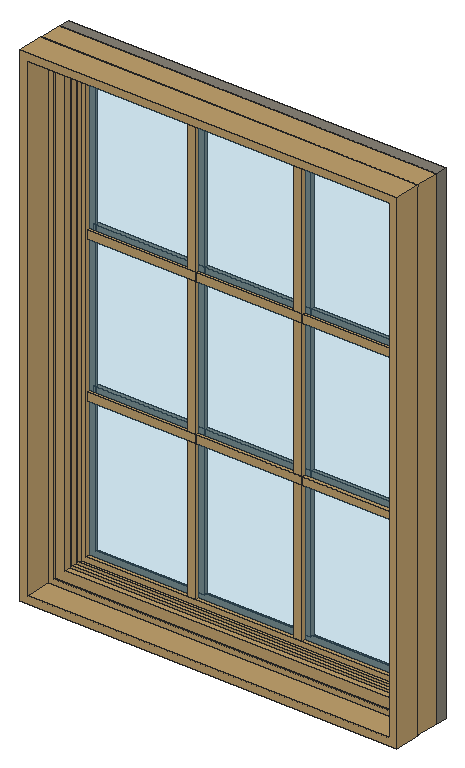
Revit family
Parameters (values of type "CCNTPRYPCA3648")
  Window Type = "Clad Contemporary Push Out Casement"
  Vent Area = VO Width * VO Height  # 8.42878 SF
  VO Width = if(Width < 1' 8", Width - 0' 9 19/32", Width - 0' 7 7/64")  # 2' - 4 57/64"
  VO Height = Height - 0' 5 29/256"  # 3' - 6 3/256"
  URL = "www.marvin.com"
  Prairie Corner Width = 0' - 4"
  Prairie Corner Height = 0' - 4"
  Plan Swing Angle [instance] = 15.00°
  Offset = if(Bottom Rail Standard, 0' 2 29/32", 0' 4 13/32")  # 0' - 2 29/32"
  Nominal Width = 3' - 0"
  Nominal Height = 4' - 0"
  Muntins Interior Material = Wood-Marvin-Pine
  Muntins Exterior Material = Aluminum-Marvin-Bronze
  Model = "CCNTPRYPCA3648"
  Manufacturer = "Marvin Windows and Doors"
  Lites Wide = 3
  Lites Wide Constraint = if(Nominal Width > 1' 4", Lites Wide, if(Lites Wide < 2, 1, 2))  # 3
  Lites High = 3
  Lites High Constraint = if(Nominal Height > 1' 4", Lites High, if(Lites High < 2, 1, 2))  # 3
  Lite Cut Prairie 9 = no
  Lite Cut Prairie 9 Constraint = if(and(Nominal Width > 1' 4", Nominal Height > 1' 4"), Lite Cut Prairie 9, 1 = 0)  # no
  Lite Cut HV Grid = not(Lite Cut Prairie 9 Constraint)  # yes
  Label Visibility = no
  Label Egress = if(and(and(VO Width > 1' 8", VO Height > 2' 0"), Vent Area > 5.70 SF), "EGRESS WDW", "")  # "EGRESS WDW"
  Interior Material = Wood-Marvin-Pine
  Glazing Material = Glass-Marvin-IG Low E II with Argon
  Glass Type = "IG Low E II with Argon"
  Frame = "Aluminum Clad"
  Family created by = "www.rbuiltcomponents.com"
  Elev Swing RH Visibility [instance] = yes
  Elev Swing LH Visibility [instance] = no
  Rough Width = Width + 0' 1"  # 3' - 1"
  Rough Height = Height + 0' 0 1/2"  # 3' - 11 5/8"
  Plan Swing RH Visibility [instance] = yes
  Plan Swing LH Visibility [instance] = no
  Muntins Interior Visibility = yes
  Muntins Exterior Visibility = yes
  Jamb Extension Visibility = yes
  Inset to Installation Flange [instance] = 0' - 1 1/4"
  Height = Nominal Height - 0' 0 7/8"  # 3' - 11 1/8"
  Egress Window = "Yes"
  Design Pressure = "DP50"
  Description = "3648 CSMT"
  Default Head Height = 8' - 0"
  Wall Closure = (empty or 0)
  Width = Nominal Width  # 3' - 0"
  Daylight Area = DLO Width * DLO Height  # 8.66056 SF
  DLO Width = Width - 0' 5 13/16"  # 2' - 6 3/16"
  DLO Height = if(Bottom Rail Standard, Height - 0' 5 13/16", Height - 0' 7 5/16")  # 3' - 5 5/16"
  Cladding Material = Aluminum-Marvin-Bronze
  Bottom Rail Tall = no
  Bottom Rail Standard = not(Bottom Rail Tall)  # yes
  Assembly Code = ""
  Note To User = "All Lite Constraints Apply To Nominal Widths Or Heights < 1 - 6"  # constant formula
Reference planes (in)
  plane 1 "Center (Front/Back)": y = 0
  plane 2: z = 0
  plane 3 "Center (Left/Right)": x = -3
  plane 4 "Left": x = -21
  plane 5 "Right": x = 15
  plane 6 "Sill": z = 48.875
  plane 7 "Top": z = 96
  plane 8 "Inset": y = 1.75
  plane 9 "Glazing": y = 2.40625
  plane 10 "Jamb Ext Face": y = -0.4375
  plane 11: z = 72.4375
  plane 12: y = -0.5
Forms (in)
  Extrusion 1, solid, material "Wood-Marvin-Pine" <- "Interior Material", visible <- "Jamb Extension Visibility", detail levels medium+fine
    sketch origin (0, -0.4375, 0) x (1, 0, 0) y (0, 0, 1)
      loop
        line (-21, 96) -> (-21, 48.875) -> (15, 48.875) -> (15, 96) -> (-21, 96)
      loop
        line (-20.3125, 49.5625) -> (14.3125, 49.5625) -> (14.3125, 95.3125) -> (-20.3125, 95.3125) -> (-20.3125, 49.5625)
    from 0.0625 to 2.5625
Lines and regions (in)
  Masking region 1
    outline origin (-3, 0, 0) x (0, 1, 0) y (0, 0, 1)
      loop
        line (2.8125, 96) -> (-0.4375, 96) -> (-0.4375, 48.875) -> (2.8125, 48.875) -> (2.8125, 96)
  Masking region 2, visible <- "Jamb Extension Visibility"
    outline origin (0, 0, 48.875) x (0, -1, 0) y (1, 0, 0)
      loop
        line (0.5, -21) -> (3, -21) -> (3, 15) -> (0.5, 15) -> (0.5, -21)
  Masking region 3, visible <- "Jamb Extension Visibility"
    outline origin (-3, 0, 0) x (0, 1, 0) y (0, 0, 1)
      loop
        line (-0.5, 96) -> (-3, 96) -> (-3, 48.875) -> (-0.5, 48.875) -> (-0.5, 96)
  Opening 1
    outline origin (-60, -3, 0) x (1, 0, 0) y (0, 0, 1)
      loop
        line (75, 96) -> (39, 96) -> (39, 48.875) -> (75, 48.875) -> (75, 96)
  symbolic lines, style "Jamb Extension", visible <- "Jamb Extension Visibility", detail levels fine
    curve 1: line (-21, -3, 48.875) -> (-20.3125, -3, 48.875)
    curve 2: line (-20.3125, -3, 48.875) -> (-20.3125, -0.5, 48.875)
    curve 3: line (15, -3, 48.875) -> (14.3125, -3, 48.875)
    curve 4: line (14.3125, -3, 48.875) -> (14.3125, -0.5, 48.875)
    curve 5: line (-3, -3, 95.3125) -> (-3, -0.5, 95.3125)
    curve 6: line (-3, -3, 49.5625) -> (-3, -0.5, 49.5625)
  symbolic lines, style "WindowsFrameMullionProjection", detail levels coarse+medium
    curve 7: line (-3, 2.8125, 96) -> (-3, 2.8125, 94.812)
    curve 8: line (-3, 2.8125, 94.812) -> (-3, -0.4375, 94.812)
    curve 9: line (-3, -0.4375, 94.812) -> (-3, -0.4375, 96)
    curve 10: line (-3, 2.78125, 94.812) -> (-3, 2.78125, 93.125)
    curve 11: line (-3, 2.78125, 93.125) -> (-3, 1.15625, 93.125)
    curve 12: line (-3, 1.15625, 50.063) -> (-3, 1.15625, 51.78125)
    curve 13: line (-3, 2.8125, 48.875) -> (-3, 2.8125, 50.063)
    curve 14: line (-3, 2.8125, 50.063) -> (-3, -0.4375, 50.063)
    curve 15: line (-3, -0.4375, 50.063) -> (-3, -0.4375, 48.875)
    curve 16: line (-3, 2.78125, 51.78125) -> (-3, 1.15625, 51.78125)
    curve 18: line (-3, 1.15625, 51.78125) -> (-3, 1.15625, 93.125)
    curve 19: line (-3, 2.78125, 51.78125) -> (-3, 2.78125, 50.063)
    curve 20: line (-3, 1.15625, 93.125) -> (-3, 1.15625, 94.812)
    curve 21: line (-3, 2.78125, 93.125) -> (-3, 2.78125, 51.78125)
  symbolic lines, style "WindowsGlassProjection", detail levels coarse+medium
    curve 17: line (-3, 1.97776, 93.125) -> (-3, 1.97776, 51.78125)
  symbolic lines, style "WindowsFrameMullionProjection"
    curve 22: line (-3, -0.4375, 50.063) -> (-3, -0.4375, 94.812)
  symbolic lines, style "WindowsFrameMullionProjection", visible <- "Jamb Extension Visibility", detail levels coarse+medium
    curve 23: line (-20.3125, -0.5, 48.875) -> (-20.3125, -3, 48.875)
    curve 24: line (-20.3125, -3, 48.875) -> (-21, -3, 48.875)
    curve 25: line (14.3125, -0.5, 48.875) -> (14.3125, -3, 48.875)
    curve 26: line (14.3125, -3, 48.875) -> (15, -3, 48.875)
    curve 29: line (-3, -0.5, 95.3125) -> (-3, -3, 95.3125)
    curve 30: line (-3, -3, 95.3125) -> (-3, -3, 96)
    curve 31: line (-3, -0.5, 49.5625) -> (-3, -3, 49.5625)
    curve 32: line (-3, -3, 49.5625) -> (-3, -3, 48.875)
  symbolic lines, style "Jamb Extension", visible <- "Jamb Extension Visibility"
    curve 27: line (-3, -3, 49.5625) -> (-3, -3, 48.875)
    curve 28: line (-3, -3, 95.3125) -> (-3, -3, 96)
Text (in)
  text "EXTERIOR" at (-58.6888, 50.90694, 0), in view "Ref. Level"
  text "INTERIOR" at (-58.6888, -37.76638, 0), in view "Ref. Level"
  text "Exterior" at (0, 43.65631, 123.19604), in view "Left"
  text "Exterior" at (0, 18.29385, 125.04747), in view "Right"
Dimensions and locks (in)
  equal spacing: plane 4 "Left", plane 3 "Center (Left/Right)", plane 5 "Right"
  "Width": plane 4 "Left" to plane 5 "Right"
  "Height": plane 6 "Sill" to plane 7 "Top"
  "Inset to Installation Flange": host wall to plane 8 "Inset"
  locked: plane 8 "Inset" to plane 9 "Glazing" at 0.65625
  locked: plane 10 "Jamb Ext Face" to plane 8 "Inset" at 2.1875
  equal spacing: plane 6 "Sill", plane 11, plane 7 "Top"
  "Default Head Height": plane 2 to plane 7 "Top"
  locked: nested 2 to host wall at 12.00106
  locked: plane 12 to plane 10 "Jamb Ext Face" at 0.0625
  locked: plane 6 "Sill" to Extrusion 1 sketch curve at 0.6875
  locked: plane 5 "Right" to Extrusion 1 sketch curve at 0.6875
  locked: plane 7 "Top" to Extrusion 1 sketch curve at 0.6875
  locked: plane 4 "Left" to Extrusion 1 sketch curve at 0.6875
  aligned and locked: nested 1 to plane 3 "Center (Left/Right)"
  aligned and locked: plane 8 "Inset" to nested 1
  aligned and locked: host wall to curve 1
  aligned and locked: curve 3 to host wall
  aligned and locked: plane 7 "Top" to Masking region 1 sketch curve
  aligned and locked: Masking region 1 sketch curve to plane 6 "Sill"
  aligned and locked: plane 3 "Center (Left/Right)" to nested 2
  aligned and locked: plane 4 "Left" to curve 24
  aligned and locked: curve 24 to host wall
  aligned and locked: plane 5 "Right" to curve 26
  aligned and locked: host wall to curve 26
  aligned and locked: curve 15 to plane 10 "Jamb Ext Face"
  aligned and locked: curve 14 to curve 22
  aligned and locked: plane 6 "Sill" to curve 27
  aligned and locked: curve 27 to host wall
  aligned and locked: plane 10 "Jamb Ext Face" to curve 9
  aligned and locked: plane 7 "Top" to curve 28
  aligned and locked: plane 7 "Top" to curve 30
  aligned and locked: host wall to curve 30
  aligned and locked: plane 6 "Sill" to curve 32
  aligned and locked: plane 12 to curve 2
  aligned and locked: plane 12 to curve 23
  aligned and locked: plane 12 to curve 4
  aligned and locked: plane 12 to curve 25
  aligned and locked: plane 12 to curve 5
  aligned and locked: plane 12 to curve 29
  aligned and locked: plane 12 to curve 6
  aligned and locked: plane 12 to curve 31
  aligned and locked: plane 12 to Masking region 2 sketch curve
  aligned and locked: Masking region 2 sketch curve to host wall
  aligned and locked: Masking region 2 sketch curve to plane 4 "Left"
  aligned and locked: plane 5 "Right" to Masking region 2 sketch curve
  aligned and locked: plane 12 to Masking region 3 sketch curve
  aligned and locked: Masking region 3 sketch curve to host wall
  aligned and locked: plane 7 "Top" to Masking region 3 sketch curve
  aligned and locked: Masking region 3 sketch curve to plane 6 "Sill"
  aligned and locked: Masking region 1 sketch curve to plane 10 "Jamb Ext Face"
  aligned and locked: plane 3 "Center (Left/Right)" to nested 3
  aligned and locked: plane 8 "Inset" to nested 3
  aligned and locked: nested 3 to plane 7 "Top"
  aligned and locked: plane 7 "Top" to Opening 1 sketch curve
  aligned and locked: plane 5 "Right" to Opening 1 sketch curve
  aligned and locked: Opening 1 sketch curve to plane 6 "Sill"
  aligned and locked: Opening 1 sketch curve to plane 4 "Left"
  aligned and locked: Extrusion 1 sketch curve to plane 6 "Sill"
  aligned and locked: plane 7 "Top" to Extrusion 1 sketch curve
  aligned and locked: plane 5 "Right" to Extrusion 1 sketch curve
  aligned and locked: Extrusion 1 sketch curve to plane 4 "Left"
  aligned and locked: Extrusion 1 to plane 12
  aligned and locked: host wall to Extrusion 1
  aligned and locked: nested 4 to plane 8 "Inset"
  aligned and locked: plane 7 "Top" to nested 4
  aligned and locked: curve 7 to nested 4
  aligned and locked: curve 10 to nested 4
  aligned and locked: curve 8 to nested 4
  aligned and locked: curve 11 to nested 4
  aligned and locked: curve 20 to nested 4
  aligned and locked: curve 13 to nested 4
  aligned and locked: curve 19 to nested 4
  aligned and locked: curve 16 to nested 4
  aligned and locked: nested 4 to curve 12
  aligned and locked: curve 14 to nested 4
  aligned and locked: Masking region 1 sketch curve to nested 4
Automatic sketch dimensions
  curve 1 to plane 4 "Left" = 0' - 0"
  curve 3 to plane 5 "Right" = 0' - 0"
  curve 2 to plane 4 "Left" = 0' - 0 11/16"
  plane 5 "Right" to curve 4 = 0' - 0 11/16"
  plane 7 "Top" to curve 7 = 0' - 0"
  plane 6 "Sill" to curve 13 = 0' - 0"
  plane 6 "Sill" to curve 15 = 0' - 0"
  plane 7 "Top" to curve 9 = 0' - 0"
  curve 17 to plane 8 "Inset" = 0' - 0.22776"
  curve 6 to curve 15 = 0' - 0.5005"
  plane 7 "Top" to curve 5 = 0' - 0 11/16"
Nested families (in)
  nested 1: "Casement_Plan_Detail" at (-3, 1.75, 48.875) x (-1, 0, 0) z (0, 0, -1), type "Casement_Plan_Detail"
    with Width 3' - 0", Plan Swing RH yes, Plan Swing Length 2' - 9 5/8", Plan Swing LH no, Casing no
  nested 2: "Label Annotation 1-16 w" at (-3, 15.00106, 0), visible <- "Label Visibility", type "Label Annotation 1-16 w"
  nested 3: "Casement-Marvin-Clad_Contemporary" at (-3, 1.75, 0), Elevation Swing RH <- "Elev Swing RH Visibility", Elevation Swing LH <- "Elev Swing LH Visibility", type "CCNTPRYCA"
    with Elevation Swing RH yes, Elevation Swing LH no, Unit Width 3' - 0", DLO Width 2' - 6 3/16"
  nested 4: "Casement_Section_Detail" at (-3, 1.75, 48.875) x (0, -1, 0) z (1, 0, 0), type "Casement_Section_Detail", detail levels fine
    with Offset 0' - 2 29/32"
Definition of nested family "Casement-Marvin-Clad_Contemporary"
  Parameters (values of type "CCNTPRYCA")
    Width = 0' - 0"
    Unit Width = 2' - 8"
    Prairie Corner Width = 0' - 4"
    Prairie Corner Height = 0' - 4"
    Offset = if(Bottom Rail Standard, 0' 1", 0' 0 27/32")  # 0' - 1"
    Muntins Interior Material = Wood-Marvin-Pine
    Muntins Interior = yes
    Muntins Exterior Material = Aluminum-Marvin-Bronze
    Muntins Exterior = yes
    Lites Wide = 3
    Lites High = 3
    Lite Cut Prairie 9 = no
    Lite Cut HV Grid = yes
    Interior Material = Wood-Marvin-Pine
    Height = 3' - 11 1/8"
    Glazing Material = Glass-Marvin-IG Low E II with Argon
    G Thickness2 = -0' - 0 1/8"  # constant formula
    G Thickness = 0' - 0 1/8"  # constant formula
    Elevation Swing RH [instance] = yes
    Elevation Swing LH [instance] = no
    DLO Width = 2' - 2 3/16"
    DLO Height = 3' - 5 5/16"
    Cladding Material = Aluminum-Marvin-Bronze
    Bottom Rail Standard = yes
    Bottom Rail Tall = no
    Bottom Rail = if(Bottom Rail Standard, 0' 2 29/32", 0' 4 13/32")  # 0' - 2 29/32"
    Assembly Code = ""
  Reference planes (in)
    plane 1 "Center (Front/Back)": y = 0
    plane 2: z = 0
    plane 3 "Center (Left/Right)": x = 0
    plane 4: x = 16
    plane 5: x = -16
    plane 6 "Glazing": y = 0.65625
    plane 7: y = -2.1875
    plane 8: z = 96
    plane 9 "Sill": z = 48.875
    plane 10: z = 72.4375
    plane 11: x = 13.09375
    plane 12: x = -13.09375
    plane 13: z = 93.09375
    plane 14: z = 51.78125
    plane 15 "Glazing2": y = -0.125
  Forms (in)
    Sweep 1, solid, material "Aluminum-Marvin-Bronze" <- "Cladding Material"
      path origin (0, 0, 0) x (1, 0, 0) y (0, 0, 1)
        loop
          line (-16, 48.875) -> (16, 48.875) -> (16, 96) -> (-16, 96) -> (-16, 48.875)
      profile "Profile_Ext_Clad_Frame : Profile_Ext_Clad_Frame" origin (0, 0, 48.875) x (0, 0, 1) y (0, -1, 0)
        loop
          line (0, -1.0625) -> (0.625, -1.0625) -> (0.625, 0) -> (0, 0) -> (0, -1.0625)
    Sweep 2, solid, material "Wood-Marvin-Pine" <- "Interior Material"
      path origin (0, 0, 0) x (1, 0, 0) y (0, 0, 1)
        loop
          line (16, 48.875) -> (16, 96) -> (-16, 96) -> (-16, 48.875) -> (16, 48.875)
      profile "Profile_Int_Frame : Profile_Int_Frame" origin (0, 0, 48.875) x (0, 0, -1) y (0, -1, 0)
        loop
          line (0, 2.1875) -> (-1.188, 2.1875) -> (-1.188, 2.09375) -> (-2.1255, 2.09375) -> (-2.1255, 1.43702) -> (-2.313, 1.43702) -> (-2.313, 0.96849) -> (-2.5, 0.96849) -> (-2.5, 0.59375) -> (-0.625, 0.59375) -> (-0.625, 0) -> (0, 0) -> (0, 2.1875)
    Extrusion 3, solid, material "Glass-Marvin-IG Low E II with Argon" <- "Glazing Material"
      sketch origin (0, 0.65625, 0) x (1, 0, 0) y (0, 0, 1)
        loop
          line (13.75, 93.75) -> (-13.75, 93.75) -> (-13.75, 51.125) -> (13.75, 51.125) -> (13.75, 93.75)
      from 0 to 0.125 <- "G Thickness"
    Sweep 4, solid, material "Aluminum-Marvin-Bronze" <- "Cladding Material"
      path origin (0, 0.65625, 0) x (1, 0, 0) y (0, 0, 1)
        loop
          line (13.09375, 51.78125) -> (13.09375, 93.09375) -> (-13.09375, 93.09375) -> (-13.09375, 51.78125) -> (13.09375, 51.78125)
      profile "Profile_Ext_Clad_Sash : Profile_Ext_Clad_Sash" origin (0, 0.65625, 51.78125) x (0, 0, -1) y (0, -1, 0)
        loop
          line (2.0625, -0.375) -> (2.0625, 0) -> (0, 0) -> (0, -0.07739) -> (0.15625, -0.23364) -> (0.15625, -0.375) -> (2.0625, -0.375)
    Sweep 5, solid, material "Wood-Marvin-Pine" <- "Interior Material"
      path origin (0, 0.65625, 0) x (1, 0, 0) y (0, 0, 1)
        loop
          line (13.09375, 51.78125) -> (13.09375, 93.09375) -> (-13.09375, 93.09375) -> (-13.09375, 51.78125) -> (13.09375, 51.78125)
      profile "Profile_Int_Sash : Profile_Int_Sash" origin (0, 0.65625, 51.78125) x (0, 0, -1) y (0, -1, 0)
        loop
          line (1.78125, 0) -> (1.78125, 1.25) -> (0, 1.25) -> (0, 0.78125) -> (0.65625, 0.78125) -> (0.65625, 0) -> (1.78125, 0)
    Extrusion 6, solid, material "Glass-Marvin-IG Low E II with Argon" <- "Glazing Material"
      sketch origin (0, -0.125, 0) x (1, 0, 0) y (0, 0, 1)
        loop
          line (13.75, 93.75) -> (-13.75, 93.75) -> (-13.75, 51.125) -> (13.75, 51.125) -> (13.75, 93.75)
      from -0.125 <- "G Thickness2" to 0
    Sweep 7, solid, material "Aluminum-Marvin-Bronze" <- "Cladding Material"
      path in 3D
        loop
          line (15.15625, 1.03125, 49.71875) -> (-15.15625, 1.03125, 49.71875)
      profile origin (0, 1.03125, 49.71875) x (0, 1, 0) y (0, 0, -1)
        loop
          line (0, 0) -> (-0.375, 0) -> (-0.375, -0.15625) -> (0, -0.15625) -> (0, 0)
    Sweep 8, solid, material "Wood-Marvin-Pine" <- "Interior Material"
      path in 3D
        loop
          line (14.875, -0.59375, 50) -> (-14.875, -0.59375, 50)
      profile origin (0, -0.59375, 50) x (0, 1, 0) y (0, 0, -1)
        loop
          line (0, 0) -> (1.25, 0) -> (1.25, 0.125) -> (0, 0.125) -> (0, 0)
  Cuts and joins
    joined: Sweep 4, Sweep 7
    joined: Sweep 5, Sweep 8
  Lines and regions (in)
    Masking region 1
      outline origin (0, 0, 48.875) x (1, 0, 0) y (0, 1, 0)
        loop
          line (-16, 1.0625) -> (-16, -2.1875) -> (16, -2.1875) -> (16, 1.0625) -> (-16, 1.0625)
    symbolic lines, style "Elevation Swing", visible <- "Elevation Swing RH"
      curve 1: line (15.37685, 0, 49.49815) -> (-15.37685, 0, 72.4375)
      curve 2: line (15.37685, 0, 95.37685) -> (-15.37685, 0, 72.4375)
    symbolic lines, style "Elevation Swing", visible <- "Elevation Swing LH"
      curve 3: line (-15.37685, 0, 49.49815) -> (15.37685, 0, 72.4375)
      curve 4: line (-15.37685, 0, 95.37685) -> (15.37685, 0, 72.4375)
    symbolic lines, style "WindowsFrameMullionProjection", detail levels coarse+medium
      curve 5: line (-14.875, -2.18699, 48.875) -> (-16, -2.18699, 48.875)
      curve 6: line (-14.875, 1.0625, 48.875) -> (-14.875, -2.18699, 48.875)
      curve 7: line (-16, 1.0625, 48.875) -> (-14.875, 1.0625, 48.875)
      curve 8: line (-16, -2.18699, 48.875) -> (-16, 1.0625, 48.875)
      curve 9: line (14.875, -2.18699, 48.875) -> (16, -2.18699, 48.875)
      curve 10: line (14.875, 1.0625, 48.875) -> (14.875, -2.18699, 48.875)
      curve 11: line (16, 1.0625, 48.875) -> (14.875, 1.0625, 48.875)
      curve 12: line (16, -2.18699, 48.875) -> (16, 1.0625, 48.875)
      curve 13: line (-14.875, 1.03125, 48.875) -> (-13.09375, 1.03125, 48.875)
      curve 14: line (-13.09375, -0.59375, 48.875) -> (-14.875, -0.59375, 48.875)
      curve 15: line (-13.09375, 1.03125, 48.875) -> (-13.09375, -0.59375, 48.875)
      curve 16: line (14.875, 1.03125, 48.875) -> (13.09375, 1.03125, 48.875)
      curve 17: line (13.09375, -0.59375, 48.875) -> (14.875, -0.59375, 48.875)
      curve 18: line (13.09375, 1.03125, 48.875) -> (13.09375, -0.59375, 48.875)
      curve 20: line (-13.09375, 1.03125, 48.875) -> (13.09375, 1.03125, 48.875)
      curve 21: line (-13.09375, -0.59375, 48.875) -> (13.09375, -0.59375, 48.875)
    symbolic lines, style "WindowsGlassProjection", detail levels coarse+medium
      curve 19: line (-13.09375, 0.22976, 48.875) -> (13.09375, 0.22976, 48.875)
    sketch lines
      curve 22: line (15.15625, 1.03125, 49.71875) -> (-15.15625, 1.03125, 49.71875)
      curve 23: line (14.875, -0.59375, 50) -> (-14.875, -0.59375, 50)
  Dimensions and locks (in)
    equal spacing: plane 5, plane 3 "Center (Left/Right)", plane 4
    "Unit Width": plane 5 to plane 4
    locked: plane 1 "Center (Front/Back)" to plane 6 "Glazing" at 0.65625
    locked: plane 7 to plane 1 "Center (Front/Back)" at 2.1875
    plane 2 to plane 8 = 8' - 0"
    "Height": plane 9 "Sill" to plane 8
    equal spacing: plane 9 "Sill", plane 10, plane 8
    locked: plane 13 to Extrusion 3 sketch curve at 0.65625
    locked: Extrusion 3 sketch curve to plane 14 at 0.65625
    locked: plane 12 to Extrusion 3 sketch curve at 0.65625
    locked: Extrusion 3 sketch curve to plane 11 at 0.65625
    locked: plane 13 to plane 8 at 2.90625
    "Bottom Rail": plane 9 "Sill" to plane 14
    locked: plane 5 to plane 12 at 2.90625
    locked: plane 11 to plane 4 at 2.90625
    locked: plane 15 "Glazing2" to plane 6 "Glazing" at 0.78125
    locked: Extrusion 6 sketch curve to plane 11 at 0.65625
    locked: plane 12 to Extrusion 6 sketch curve at 0.65625
    locked: plane 13 to Extrusion 6 sketch curve at 0.65625
    locked: Extrusion 6 sketch curve to plane 14 at 0.65625
    "Offset": Sweep 7 sketch curve to plane 9 "Sill"
    "Offset": plane 9 "Sill" to Sweep 8 sketch curve
    aligned and locked: Sweep 1 sketch curve to plane 4
    aligned and locked: plane 9 "Sill" to Sweep 1 sketch curve
    aligned and locked: plane 5 to Sweep 1 sketch curve
    aligned and locked: Sweep 1 sketch curve to plane 8
    aligned and locked: plane 9 "Sill" to Sweep 2 sketch curve
    aligned and locked: Sweep 2 sketch curve to plane 8
    aligned and locked: Sweep 2 sketch curve to plane 4
    aligned and locked: plane 5 to Sweep 2 sketch curve
    aligned and locked: Extrusion 3 to plane 6 "Glazing"
    aligned: Extrusion 3 to Sweep 2
    aligned and locked: plane 5 to Masking region 1 sketch curve
    aligned and locked: Masking region 1 sketch curve to plane 4
    aligned and locked: Masking region 1 sketch curve to plane 7
    aligned and locked: plane 6 "Glazing" to nested 2
    aligned: nested 1 to Sweep 2
    aligned and locked: nested 2 to plane 3 "Center (Left/Right)"
    aligned and locked: plane 3 "Center (Left/Right)" to nested 1
    aligned and locked: plane 11 to Sweep 4 sketch curve
    aligned and locked: Sweep 4 sketch curve to plane 12
    aligned and locked: Sweep 4 sketch curve to plane 14
    aligned and locked: plane 13 to Sweep 4 sketch curve
    aligned and locked: Sweep 5 sketch curve to plane 14
    aligned and locked: Sweep 5 sketch curve to plane 12
    aligned and locked: plane 13 to Sweep 5 sketch curve
    aligned and locked: plane 11 to Sweep 5 sketch curve
    aligned and locked: plane 15 "Glazing2" to nested 1
    aligned and locked: Masking region 1 sketch curve to Sweep 1
    aligned and locked: curve 7 to Sweep 1
    aligned and locked: curve 11 to Sweep 1
    aligned and locked: Sweep 4 to curve 16
    aligned and locked: curve 13 to Sweep 4
    aligned and locked: curve 15 to plane 12
    aligned and locked: curve 18 to plane 11
    aligned and locked: Sweep 5 to curve 17
    aligned and locked: curve 14 to Sweep 5
    aligned and locked: curve 6 to Sweep 5
    aligned and locked: curve 10 to Sweep 5
    aligned and locked: Sweep 7 sketch curve to Sweep 4  (x2)
    aligned and locked: Sweep 7 sketch curve to plane 6 "Glazing"
    aligned and locked: Sweep 8 sketch curve to Sweep 5  (x2)
    aligned and locked: Sweep 8 sketch curve to cut or joined group of Sweep 4, Sweep 7
    aligned and locked: nested 2 to plane 13
    aligned and locked: plane 13 to nested 1
  Automatic sketch dimensions
    curve 1 to plane 10 = 0' - 0"
    curve 3 to plane 10 = 0' - 0"
    plane 5 to curve 1 = 0' - 0.62315"
    plane 5 to curve 3 = 0' - 0.62315"
    plane 5 to curve 4 = 0' - 0.62315"
    curve 3 to plane 4 = 0' - 0.62315"
    curve 2 to plane 4 = 0' - 0.62315"
    curve 1 to plane 4 = 0' - 0.62315"
    plane 9 "Sill" to curve 1 = 0' - 0.62315"
    plane 9 "Sill" to curve 3 = 0' - 0.62315"
    curve 4 to plane 8 = 0' - 0.62315"
    curve 2 to plane 8 = 0' - 0.62315"
    curve 5 to plane 5 = 0' - 0"
    curve 11 to plane 4 = 0' - 0"
    curve 12 to plane 7 = 0' - 0.00051"
    curve 8 to plane 7 = 0' - 0.00051"
    curve 19 to plane 1 "Center (Front/Back)" = 0' - 0.22976"
  Nested families (in)
    nested 1: "Muntins" at (0, -0.125, 15.84375), Muntin Material <- "Muntins Interior Material", visible <- "Muntins Interior", type "Muntins"
      with MuntinDepth 0' - 0 5/16", Muntin Material Wood-Marvin-Pine, Muntin Extension 0' - 0 5/16", GlazingWidth 2' - 2 3/16", GlazingHeight 3' - 5 5/16", Width 2' - 2 1/2", Height 3' - 5 5/8", Inset Vert 0' - 8.45833", Inset Horiz 1' - 1 1/2"
    nested 2: "Muntins" at (0, 0.65625, 15.84375), Muntin Material <- "Muntins Exterior Material", visible <- "Muntins Exterior", type "Muntins"
      with MuntinDepth 0' - 0 5/16", Muntin Material Aluminum-Marvin-Bronze, Muntin Extension 0' - 0 5/16", GlazingWidth 2' - 2 3/16", GlazingHeight 3' - 5 5/16", Width 2' - 2 1/2", Height 3' - 5 5/8", Inset Vert 0' - 8.45833", Inset Horiz 1' - 1 1/2"
  Definition of nested family "Muntins"
    Parameters (values of type "Muntins")
      PrairieMuntVisible = no
      Prairie Corner Width = 0' - 4"
      Prairie Corner Height = 0' - 4"
      Muntin Extension = 0' - 0 7/16"
      GridMuntVisible = yes
      GlazingWidth = 2' - 0"
      GlazingHeight = 2' - 11 1/8"
      Width = GlazingWidth + Muntin Extension  # 2' - 0 7/16"
      VerticalMuntins = if(LitesHorizontal < 3, 2, LitesHorizontal - 1)  # 2
      VertMuntVisible = and(GridMuntVisible, LitesHorizontal > 2)  # yes
      MuntinWidth = 0' - 0 3/4"
      MuntinDepth [instance] = 0' - 0 3/8"
      Muntin Material [instance] = none
      LitesVertical = 3
      LitesHorizontal = 3
      HorizontalMuntins = if(LitesVertical < 3, 2, LitesVertical - 1)  # 2
      HorizMuntVisible = and(GridMuntVisible, LitesVertical > 2)  # yes
      Height = GlazingHeight + Muntin Extension  # 2' - 11 9/16"
      Inset Vert = if(LitesHorizontal < 3, (Width / 3) - (MuntinWidth / 2), (Width / LitesHorizontal) - (MuntinWidth / 2))  # 0' - 7.77083"
      Inset Horiz = if(LitesVertical < 3, (Height / 3) - (MuntinWidth / 2), (Height / LitesVertical) - (MuntinWidth / 2))  # 0' - 11.47917"
      CenterMuntinVertical = and(GridMuntVisible, LitesHorizontal = 2)  # no
      CenterMuntinHorizontal = and(GridMuntVisible, LitesVertical = 2)  # no
      Assembly Code = ""
    Reference planes (in)
      plane 1 "Center (Front/Back)": y = 0
      plane 2: z = 0
      plane 3 "Center (Left/Right)": x = 0
      plane 4: z = 35.78125
      plane 5: z = 53.5625
      plane 6: z = 71.34375
      plane 7: z = 59.86458
      plane 8: z = 47.26042
      plane 9: z = 71.125
      plane 10: z = 36
      plane 11: x = -12
      plane 12: x = 12
      plane 13: x = -4.44792
      plane 14: x = -12.21875
      plane 15: x = 12.21875
      plane 16: x = 4.44792
      plane 17: z = 67.125
      plane 18: z = 40
      plane 19: x = -8
      plane 20: x = 8
    Forms (in)
      Extrusion 1, solid, material <- "Muntin Material", visible <- "CenterMuntinVertical", detail levels medium+fine
        sketch origin (9, 0, 0) x (1, 0, 0) y (0, 0, 1)
          loop
            line (-9.375, 71.34375) -> (-9.375, 35.78125) -> (-8.625, 35.78125) -> (-8.625, 71.34375) -> (-9.375, 71.34375)
        from 0 to 0.375 <- "MuntinDepth"
      Extrusion 2, solid, material <- "Muntin Material", visible <- "CenterMuntinHorizontal", detail levels medium+fine
        sketch origin (-0.0013, 0, 14.6875) x (1, 0, 0) y (0, 0, 1)
          loop
            line (-12.21745, 39.25) -> (-12.21745, 38.5) -> (12.22005, 38.5) -> (12.22005, 39.25) -> (-12.21745, 39.25)
        from 0 to 0.375 <- "MuntinDepth"
      Extrusion 3, solid, material <- "Muntin Material", visible <- "VertMuntVisible", detail levels medium+fine
        sketch origin (4.92708, 0, -2.90625) x (1, 0, 0) y (0, 0, 1)
          loop
            line (-9.375, 74.25) -> (-9.375, 38.6875) -> (-8.625, 38.6875) -> (-8.625, 74.25) -> (-9.375, 74.25)
        from 0 to 0.375 <- "MuntinDepth"
      Extrusion 4, solid, material <- "Muntin Material", visible <- "HorizMuntVisible", detail levels medium+fine
        sketch origin (-3.09635, 0, 14.17708) x (1, 0, 0) y (0, 0, 1)
          loop
            line (-9.1224, 45.6875) -> (-9.1224, 44.9375) -> (15.3151, 44.9375) -> (15.3151, 45.6875) -> (-9.1224, 45.6875)
        from 0 to 0.375 <- "MuntinDepth"
      Extrusion 5, solid, material <- "Muntin Material", visible <- "HorizMuntVisible", detail levels medium+fine
        sketch origin (-3.09635, 0, 2.32292) x (1, 0, 0) y (0, 0, 1)
          loop
            line (-9.1224, 45.6875) -> (-9.1224, 44.9375) -> (15.3151, 44.9375) -> (15.3151, 45.6875) -> (-9.1224, 45.6875)
        from 0 to 0.375 <- "MuntinDepth"
      Extrusion 6, solid, material <- "Muntin Material", visible <- "VertMuntVisible", detail levels medium+fine
        sketch origin (13.07292, 0, -2.90625) x (1, 0, 0) y (0, 0, 1)
          loop
            line (-9.375, 74.25) -> (-9.375, 38.6875) -> (-8.625, 38.6875) -> (-8.625, 74.25) -> (-9.375, 74.25)
        from 0 to 0.375 <- "MuntinDepth"
      Extrusion 7, solid, material <- "Muntin Material", visible <- "PrairieMuntVisible", detail levels medium+fine
        sketch origin (1, 0, 0) x (1, 0, 0) y (0, 0, 1)
          loop
            line (-9, 71.34375) -> (-9, 35.78125) -> (-8.25, 35.78125) -> (-8.25, 71.34375) -> (-9, 71.34375)
        from 0 to 0.375 <- "MuntinDepth"
      Extrusion 8, solid, material <- "Muntin Material", visible <- "PrairieMuntVisible", detail levels medium+fine
        sketch origin (17, 0, 0) x (1, 0, 0) y (0, 0, 1)
          loop
            line (-9.75, 71.34375) -> (-9.75, 35.78125) -> (-9, 35.78125) -> (-9, 71.34375) -> (-9.75, 71.34375)
        from 0 to 0.375 <- "MuntinDepth"
      Extrusion 9, solid, material <- "Muntin Material", visible <- "PrairieMuntVisible", detail levels medium+fine
        sketch origin (-0.0013, 0, 28.25) x (1, 0, 0) y (0, 0, 1)
          loop
            line (-12.21745, 38.875) -> (-12.21745, 38.125) -> (12.22005, 38.125) -> (12.22005, 38.875) -> (-12.21745, 38.875)
        from 0 to 0.375 <- "MuntinDepth"
      Extrusion 10, solid, material <- "Muntin Material", visible <- "PrairieMuntVisible", detail levels medium+fine
        sketch origin (-0.0013, 0, 1.125) x (1, 0, 0) y (0, 0, 1)
          loop
            line (-12.21745, 39.625) -> (-12.21745, 38.875) -> (12.22005, 38.875) -> (12.22005, 39.625) -> (-12.21745, 39.625)
        from 0 to 0.375 <- "MuntinDepth"
    Cuts and joins
      joined: Extrusion 7, Extrusion 8, Extrusion 9, Extrusion 10
    Lines and regions (in)
      model lines, style "Muntins", visible <- "CenterMuntinHorizontal", detail levels coarse
        curve 1: line (-12.21875, 0, 53.5625) -> (12.21875, 0, 53.5625)
      model lines, style "Muntins", visible <- "HorizMuntVisible", detail levels coarse
        curve 2: line (-12.21875, 0, 59.48958) -> (12.21875, 0, 59.48958)
        curve 3: line (-12.21875, 0, 47.63542) -> (12.21875, 0, 47.63542)
      model lines, style "Muntins", visible <- "CenterMuntinVertical", detail levels coarse
        curve 4: line (0, 0, 71.34375) -> (0, 0, 35.78125)
      model lines, style "Muntins", visible <- "VertMuntVisible", detail levels coarse
        curve 5: line (-4.07292, 0, 71.34375) -> (-4.07292, 0, 35.78125)
        curve 6: line (4.07292, 0, 71.34375) -> (4.07292, 0, 35.78125)
      model lines, style "Muntins", visible <- "PrairieMuntVisible", detail levels coarse
        curve 7: line (-12.21875, 0, 66.75) -> (12.21875, 0, 66.75)
        curve 8: line (-12.21875, 0, 40.375) -> (12.21875, 0, 40.375)
        curve 9: line (-7.625, 0, 35.78125) -> (-7.625, 0, 71.34375)
        curve 10: line (7.625, 0, 35.78125) -> (7.625, 0, 71.34375)
    Dimensions and locks (in)
      "Inset Horiz": plane 6 to plane 7
      "Inset Horiz": plane 8 to plane 4
      equal spacing: plane 6, plane 5, plane 4
      "Height": plane 6 to plane 4
      "GlazingHeight": plane 9 to plane 10
      equal spacing: plane 9, plane 5, plane 10
      "GlazingWidth": plane 12 to plane 11
      equal spacing: plane 12, plane 3 "Center (Left/Right)", plane 11
      "MuntinWidth": Extrusion 1 sketch curve to Extrusion 1 sketch curve
      "Height": Extrusion 1 sketch curve to Extrusion 1 sketch curve
      "MuntinWidth": Extrusion 2 sketch curve to Extrusion 2 sketch curve
      "Width": Extrusion 2 sketch curve to Extrusion 2 sketch curve
      "MuntinWidth": Extrusion 3 sketch curve to Extrusion 3 sketch curve
      "Height": Extrusion 3 sketch curve to Extrusion 3 sketch curve
      "Width": plane 15 to plane 14
      equal spacing: plane 15, plane 3 "Center (Left/Right)", plane 14
      "Inset Vert": plane 13 to plane 14
      "Inset Vert": plane 15 to plane 16
      "MuntinWidth": Extrusion 4 sketch curve to Extrusion 4 sketch curve
      "Width": Extrusion 4 sketch curve to Extrusion 4 sketch curve
      "MuntinWidth": Extrusion 5 sketch curve to Extrusion 5 sketch curve
      "Width": Extrusion 5 sketch curve to Extrusion 5 sketch curve
      group 2 to group 3 = 0' - 0"  (x2)
      group 3 to group 2 = 0' - 11.85417"
      "MuntinWidth": Extrusion 6 sketch curve to Extrusion 6 sketch curve
      "Height": Extrusion 6 sketch curve to Extrusion 6 sketch curve
      group 4 to group 5 = 0' - 8.14583"
      group 4 to group 5 = 0' - 0"  (x2)
      "Prairie Corner Width": plane 19 to plane 11
      "Prairie Corner Width": plane 20 to plane 12
      "Prairie Corner Height": plane 9 to plane 17
      "Prairie Corner Height": plane 18 to plane 10
      "MuntinWidth": Extrusion 7 sketch curve to Extrusion 7 sketch curve
      "Height": Extrusion 7 sketch curve to Extrusion 7 sketch curve
      "MuntinWidth": Extrusion 8 sketch curve to Extrusion 8 sketch curve
      "Height": Extrusion 8 sketch curve to Extrusion 8 sketch curve
      "MuntinWidth": Extrusion 9 sketch curve to Extrusion 9 sketch curve
      "Width": Extrusion 9 sketch curve to Extrusion 9 sketch curve
      "MuntinWidth": Extrusion 10 sketch curve to Extrusion 10 sketch curve
      "Width": Extrusion 10 sketch curve to Extrusion 10 sketch curve
      aligned and locked: plane 6 to Extrusion 1  (x2)
      aligned and locked: Extrusion 1 to plane 4  (x3)
      aligned and locked: Extrusion 3 to plane 13  (x5)
      aligned and locked: Extrusion 3 to plane 4  (x3)
      aligned and locked: Extrusion 2 to plane 14
      aligned and locked: plane 15 to Extrusion 2
      aligned and locked: plane 6 to Extrusion 3
      aligned and locked: plane 7 to Extrusion 4
      aligned and locked: Extrusion 4 to plane 14
      aligned and locked: plane 15 to Extrusion 4
      aligned and locked: curve 1 to plane 5
      aligned and locked: plane 14 to curve 1
      aligned and locked: plane 15 to curve 1
      aligned and locked: Extrusion 5 to plane 14
      aligned and locked: Extrusion 5 to plane 8
      aligned and locked: plane 15 to Extrusion 5
      aligned and locked: Extrusion 5 to curve 3  (x2)
      aligned and locked: Extrusion 4 to curve 2  (x2)
      aligned and locked: curve 4 to plane 3 "Center (Left/Right)"
      aligned and locked: Extrusion 1 to curve 4  (x2)
      aligned and locked: Extrusion 3 to curve 5  (x2)
      aligned and locked: Extrusion 6 to curve 6  (x2)
      aligned and locked: Extrusion 6 to plane 16
      aligned and locked: plane 6 to Extrusion 6
      aligned and locked: plane 6 to curve 6
      aligned and locked: Extrusion 6 to plane 4
      aligned and locked: plane 4 to curve 6
      aligned and locked: cut or joined group of Extrusion 7, Extrusion 8, Extrusion 9, Extrusion 10 to plane 19
      aligned and locked: plane 20 to cut or joined group of Extrusion 7, Extrusion 8, Extrusion 9, Extrusion 10
      aligned and locked: plane 17 to cut or joined group of Extrusion 7, Extrusion 8, Extrusion 9, Extrusion 10
      aligned and locked: cut or joined group of Extrusion 7, Extrusion 8, Extrusion 9, Extrusion 10 to plane 18
      aligned and locked: cut or joined group of Extrusion 7, Extrusion 8, Extrusion 9, Extrusion 10 to curve 7  (x2)
      aligned and locked: cut or joined group of Extrusion 7, Extrusion 8, Extrusion 9, Extrusion 10 to curve 8  (x2)
      aligned and locked: cut or joined group of Extrusion 7, Extrusion 8, Extrusion 9, Extrusion 10 to curve 9  (x2)
      aligned and locked: cut or joined group of Extrusion 7, Extrusion 8, Extrusion 9, Extrusion 10 to curve 10  (x2)
    Automatic sketch dimensions
      Extrusion 1 sketch curve to plane 4 = 0' - 0"
      Extrusion 1 sketch curve to plane 3 "Center (Left/Right)" = 0' - 0 3/8"
      Extrusion 2 sketch curve to plane 14 = 0' - 0"
      Extrusion 2 sketch curve to plane 5 = 0' - 0 3/8"
      Extrusion 7 sketch curve to plane 4 = 0' - 0"
      Extrusion 7 sketch curve to plane 19 = 0' - 0"
      Extrusion 8 sketch curve to plane 4 = 0' - 0"
      Extrusion 8 sketch curve to plane 20 = 0' - 0 3/4"
      Extrusion 9 sketch curve to plane 14 = 0' - 0"
      Extrusion 9 sketch curve to plane 17 = 0' - 0 3/4"
      Extrusion 10 sketch curve to plane 14 = 0' - 0"
      Extrusion 10 sketch curve to plane 18 = 0' - 0"
      plane 19 to curve 9 = 0' - 0 3/8"
      curve 10 to plane 20 = 0' - 0 3/8"
      plane 18 to curve 8 = 0' - 0 3/8"
      curve 7 to plane 17 = 0' - 0 3/8"
Definition of nested family "Casement_Plan_Detail"
  Parameters (values of type "Plan_Detail")
    Width = 2' - 8"
    Swing Angle = 15.00°
    Plan Swing RH = no
    Plan Swing Length = Width - 0' 2 3/8"  # 2' - 5 5/8"
    Plan Swing LH = yes
    Casing = yes
    Assembly Code = ""
  Reference planes (in)
    plane 1 "Center (Front/Back)": y = 0
    plane 2: z = 0
    plane 3 "Center (Left/Right)": x = 0
    plane 4: x = -16
    plane 5: x = 16
    plane 6: x = -14.8125
    plane 7: x = 14.8125
    plane 8: y = 1.03125
  Lines and regions (in)
    detail lines, style "DetailComponentsHiddenLines", in view "Ref. Level", visible <- "Plan Swing RH"
      curve 1: line (14.8125, 1.03125, 0) -> (-13.80305, 8.69876, 0)
      curve 2: arc (-13.80305, 8.69876, 0) -> (-14.55905, 4.89809, 0) -> (-14.8125, 1.03125, 0) r 29.625
    detail lines, style "DetailComponentsHiddenLines", in view "Ref. Level", visible <- "Plan Swing LH"
      curve 3: line (-14.8125, 1.03125, 0) -> (13.80305, 8.69876, 0)
      curve 4: arc (13.80305, 8.69876, 0) -> (14.55905, 4.89809, 0) -> (14.8125, 1.03125, 0) r 29.625
    detail lines, style "DetailComponentsHiddenLines", in view "Ref. Level", detail levels fine
      curve 5: line (-12.90575, -1, 0) -> (12.90575, -1, 0)
    detail lines, style "Cut Lines", in view "Ref. Level", detail levels fine
      curve 6: line (-13.647, 0.64499, 0) -> (13.647, 0.64499, 0)
      curve 7: line (-13.647, 0.51999, 0) -> (13.647, 0.51999, 0)
      curve 8: line (-13.647, 0.01999, 0) -> (13.647, 0.01999, 0)
      curve 9: line (-13.647, -0.10501, 0) -> (13.647, -0.10501, 0)
  Dimensions and locks (in)
    equal spacing: plane 4, plane 3 "Center (Left/Right)", plane 5
    "Width": plane 4 to plane 5
    locked: plane 4 to plane 6 at 1.1875
    locked: plane 7 to plane 5 at 1.1875
    locked: plane 1 "Center (Front/Back)" to plane 8 at 1.03125
    "Plan Swing Length": curve 1 to curve 1
    "Plan Swing Length": curve 3 to curve 3
    "Swing Angle": angle curve 1 to plane 8
    "Swing Angle": angle plane 8 to curve 3
    aligned and locked: plane 1 "Center (Front/Back)" to nested 1
    aligned and locked: nested 1 to plane 4
    aligned and locked: plane 5 to nested 2
    aligned and locked: nested 2 to plane 1 "Center (Front/Back)"
    aligned and locked: curve 6 to nested 1  (x2)
    aligned and locked: nested 1 to curve 7
    aligned and locked: curve 7 to nested 1
    aligned and locked: curve 8 to nested 1  (x2)
    aligned and locked: nested 1 to curve 9
    aligned and locked: curve 9 to nested 1
  Automatic sketch dimensions
    curve 2 to plane 6 = 0' - 0"
    curve 4 to plane 6 = 0' - 0"
    curve 2 to plane 7 = 0' - 0"
    curve 2 to plane 8 = 0' - 0"
    curve 8 to plane 7 = 0' - 1.1655"
    curve 6 to curve 8 = 0' - 0"
    curve 9 to curve 8 = 0' - 0"
    curve 7 to curve 6 = 0' - 0"
    curve 9 to curve 5 = 0' - 0.74125"
    curve 5 to curve 9 = 0' - 0.74125"
    plane 1 "Center (Front/Back)" to curve 5 = 0' - 1"
  Nested families (in)
    nested 1: "Jamb_Detail" at (-16, 0, 0), type "Jamb_Detail", in view "Ref. Level", detail levels fine
    nested 2: "Jamb_Detail" at (16, 0, 0) x (-1, 0, 0) z (0, 0, 1), type "Jamb_Detail", in view "Ref. Level", detail levels fine
  Definition of nested family "Jamb_Detail"
    Parameters (values of type "Jamb_Detail")
      No Casing = not(Casing)  # yes
      Casing = no
      Assembly Code = ""
    Reference planes (in)
      plane 1 "Center (Front/Back)": y = 0
      plane 2: z = 0
      plane 3 "Center (Left/Right)": x = 0
    Lines and regions (in)
      detail lines, style "Cut Lines", in view "Ref. Level"
        curve 1: line (0, 2.1875, 0) -> (1.188, 2.1875, 0)
        curve 2: line (0, -1.0625, 0) -> (0, 2.1875, 0)
        curve 3: line (1.188, 2.1875, 0) -> (1.188, 0.59375, 0)
        curve 4: line (0.625, -1.0625, 0) -> (0, -1.0625, 0)
        curve 5: line (0.625, -1.0625, 0) -> (0.625, 0.59375, 0)
        curve 6: line (1.188, 2.09375, 0) -> (2.1255, 2.09375, 0)
        curve 7: line (2.1255, 2.09375, 0) -> (2.1255, 1.46852, 0)
        curve 8: line (2.313, 1.46852, 0) -> (2.313, 1, 0)
        curve 9: line (2.5005, 1, 0) -> (2.5005, 0.59375, 0)
        curve 10: line (2.1255, 1.46852, 0) -> (2.313, 1.46852, 0)
        curve 11: line (0.8125, -0.625, 0) -> (1.09375, -0.625, 0)
        curve 12: line (0.8125, -1.03125, 0) -> (0.8125, -0.625, 0)
        curve 13: line (2.71875, -1.03125, 0) -> (0.8125, -1.03125, 0)
        curve 14: line (2.71875, -0.88989, 0) -> (2.71875, -1.03125, 0)
        curve 15: line (2.875, -0.73364, 0) -> (2.71875, -0.88989, 0)
        curve 16: line (2.21875, -0.65625, 0) -> (2.875, -0.65625, 0)
        curve 17: line (2.21875, 0.125, 0) -> (2.21875, -0.65625, 0)
        curve 18: line (2.875, 0.125, 0) -> (2.21875, 0.125, 0)
        curve 19: line (2.875, 0.59375, 0) -> (2.875, 0.125, 0)
        curve 20: line (0.625, 0.59375, 0) -> (2.875, 0.59375, 0)
        curve 21: line (2.875, -0.65625, 0) -> (2.875, -0.73364, 0)
        curve 22: line (2.353, -0.01999, 0) -> (2.353, 0.10501, 0)
        curve 23: line (2.46875, -0.51999, 0) -> (2.46875, -0.01999, 0)
        curve 24: line (2.71875, -0.51999, 0) -> (2.71875, -0.01999, 0)
        curve 25: line (2.353, -0.64499, 0) -> (2.353, -0.51999, 0)
        curve 26: line (1.09375, 0.59375, 0) -> (1.09375, -0.625, 0)
        curve 32: line (2.313, 1.375, 0) -> (3.09425, 1.375, 0)
        curve 33: line (3.09425, 1, 0) -> (2.313, 1, 0)
        curve 34: line (3.09425, 1.375, 0) -> (3.09425, 1, 0)
      detail lines, style "Cut Lines", in view "Ref. Level", visible <- "No Casing"
        curve 27: line (-1.5, 0, 0) -> (-0.15, 0, 0)
        curve 28: line (0, -0.04501, 0) -> (-1.5, -0.04501, 0)
        curve 29: line (-1.5, -0.04501, 0) -> (-1.5, 0, 0)
        curve 30: line (-0.15, 0.10999, 0) -> (0, 0.10999, 0)
        curve 31: line (-0.15, 0, 0) -> (-0.15, 0.10999, 0)
Definition of nested family "Label Annotation 1-16 w"
  Parameters
    Label = ""
    Egress Info = ""
    Description = "3040 Csmt"
  Reference planes (in)
    plane 1: y = 0
    plane 2: x = 0
  Text (in)
    label "Description Egress Info" at (0.00375, -0.00345, 0), shows "Description", "Egress Info"
Definition of nested family "Casement_Section_Detail"
  Parameters (values of type "Casement_Section_Detail")
    Offset = 0' - 2 7/8"
    Height = 3' - 11 1/8"
    Assembly Code = ""
  Reference planes (in)
    plane 1 "Center (Front/Back)": y = 0
    plane 2: z = 0
    plane 3 "Center (Left/Right)": x = 0
    plane 4: y = 47.125
  Lines and regions (in)
    detail lines, style "Cut Lines", in view "Ref. Level"
      curve 1: line (-0.64499, 44.772, 0) -> (-0.64499, 2.353, 0)
      curve 2: line (-0.51999, 44.772, 0) -> (-0.51999, 2.353, 0)
      curve 3: line (-0.01999, 44.772, 0) -> (-0.01999, 2.353, 0)
      curve 4: line (0.10501, 44.772, 0) -> (0.10501, 2.353, 0)
    detail lines, style "DetailComponentsHiddenLines", in view "Ref. Level"
      curve 5: line (1, 3.28175, 0) -> (1, 44.03075, 0)
  Dimensions and locks (in)
    "Height": plane 4 to plane 1 "Center (Front/Back)"
    aligned and locked: plane 1 "Center (Front/Back)" to nested 1
    aligned and locked: plane 3 "Center (Left/Right)" to nested 1
    aligned and locked: nested 2 to plane 4
    aligned and locked: plane 3 "Center (Left/Right)" to nested 2
    aligned and locked: nested 1 to curve 1
    aligned and locked: nested 1 to curve 2
    aligned and locked: nested 1 to curve 3
    aligned and locked: nested 1 to curve 4
    aligned and locked: nested 2 to curve 1
    aligned and locked: nested 2 to curve 2
    aligned and locked: nested 2 to curve 3
    aligned and locked: nested 2 to curve 4
    aligned and locked: curve 1 to nested 2
    aligned and locked: curve 2 to nested 2
    aligned and locked: curve 3 to nested 2
    aligned and locked: curve 4 to nested 2
    aligned and locked: nested 2 to curve 5
    aligned and locked: curve 5 to nested 2
    aligned and locked: nested 1 to curve 5
  Nested families (in)
    nested 1: "Sill_Detail" at (0, 0, 0), type "Sill_Detail", in view "Ref. Level"
    nested 2: "Head_Detail" at (0, 47.125, 0), type "Head_Detail", in view "Ref. Level"
  Definition of nested family "Sill_Detail"
    Parameters (values of type "Sill_Detail")
      Offset = 0' - 2 7/8"
      No Casing = not(Casing)  # yes
      Casing = no
      Assembly Code = ""
    Reference planes (in)
      plane 1 "Center (Front/Back)": y = 0
      plane 2: z = 0
      plane 3 "Center (Left/Right)": x = 0
      plane 4: y = 2.875
    Lines and regions (in)
      detail lines, style "Cut Lines", in view "Ref. Level"
        curve 1: line (2.1875, 0, 0) -> (2.1875, 1.188, 0)
        curve 2: line (-1.0625, 0, 0) -> (2.1875, 0, 0)
        curve 3: line (2.1875, 1.188, 0) -> (0.59375, 1.188, 0)
        curve 4: line (-1.0625, 0.625, 0) -> (-1.0625, 0, 0)
        curve 5: line (-1.0625, 0.625, 0) -> (0.59375, 0.625, 0)
        curve 6: line (2.09375, 1.188, 0) -> (2.09375, 2.5005, 0)
        curve 7: line (2.09375, 2.5005, 0) -> (0.59375, 2.5005, 0)
        curve 8: line (-0.625, 0.8125, 0) -> (-0.625, 1.09375, 0)
        curve 9: line (-1.03125, 0.8125, 0) -> (-0.625, 0.8125, 0)
        curve 10: line (-1.03125, 2.71875, 0) -> (-1.03125, 0.8125, 0)
        curve 11: line (-0.88989, 2.71875, 0) -> (-1.03125, 2.71875, 0)
        curve 12: line (-0.73364, 2.875, 0) -> (-0.88989, 2.71875, 0)
        curve 13: line (-0.65625, 2.21875, 0) -> (-0.65625, 2.875, 0)
        curve 14: line (0.125, 2.21875, 0) -> (-0.65625, 2.21875, 0)
        curve 15: line (0.125, 2.875, 0) -> (0.125, 2.21875, 0)
        curve 16: line (0.59375, 2.875, 0) -> (0.125, 2.875, 0)
        curve 17: line (0.59375, 0.625, 0) -> (0.59375, 2.875, 0)
        curve 18: line (-0.65625, 2.875, 0) -> (-0.73364, 2.875, 0)
        curve 19: line (-0.01999, 2.353, 0) -> (0.10501, 2.353, 0)
        curve 20: line (-0.51999, 2.46875, 0) -> (-0.01999, 2.46875, 0)
        curve 21: line (-0.51999, 2.71875, 0) -> (-0.01999, 2.71875, 0)
        curve 22: line (-0.64499, 2.353, 0) -> (-0.51999, 2.353, 0)
        curve 23: line (0.59375, 1.09375, 0) -> (-0.625, 1.09375, 0)
        curve 29: line (1.375, 2.5005, 0) -> (1.375, 3.28175, 0)
        curve 30: line (1, 3.28175, 0) -> (1, 2.5005, 0)
        curve 31: line (1.375, 3.28175, 0) -> (1, 3.28175, 0)
      detail lines, style "Cut Lines", in view "Ref. Level", visible <- "No Casing"
        curve 24: line (0, -1.5, 0) -> (0, -0.15, 0)
        curve 25: line (-0.04501, 0, 0) -> (-0.04501, -1.5, 0)
        curve 26: line (-0.04501, -1.5, 0) -> (0, -1.5, 0)
        curve 27: line (0.10999, -0.15, 0) -> (0.10999, 0, 0)
        curve 28: line (0, -0.15, 0) -> (0.10999, -0.15, 0)
      detail lines, style "Cut Lines", in view "Ref. Level", not visible
        curve 32: line (-0.88989, 2.71875, 0) -> (-1.03125, 2.71875, 0)
        curve 33: line (-0.73364, 2.875, 0) -> (-0.88989, 2.71875, 0)
        curve 34: line (-0.65625, 2.21875, 0) -> (-0.65625, 2.875, 0)
        curve 35: line (0.125, 2.21875, 0) -> (-0.65625, 2.21875, 0)
        curve 36: line (0.125, 2.875, 0) -> (0.125, 2.21875, 0)
        curve 37: line (0.59375, 2.875, 0) -> (0.125, 2.875, 0)
        curve 38: line (-0.65625, 2.875, 0) -> (-0.73364, 2.875, 0)
        curve 39: line (-0.01999, 2.353, 0) -> (0.10501, 2.353, 0)
        curve 40: line (-0.51999, 2.46875, 0) -> (-0.01999, 2.46875, 0)
        curve 41: line (-0.51999, 2.71875, 0) -> (-0.01999, 2.71875, 0)
        curve 42: line (-0.64499, 2.353, 0) -> (-0.51999, 2.353, 0)
    Dimensions and locks (in)
      "Offset": plane 1 "Center (Front/Back)" to plane 4
      plane 1 "Center (Front/Back)" to curve 7 to curve 31 = 0' - 2.5005" locked, 0' - 0 25/32" locked
      aligned and locked: curve 16 to plane 4
    Automatic sketch dimensions
      plane 1 "Center (Front/Back)" to curve 2 = 0' - 0"
      curve 26 to plane 3 "Center (Left/Right)" = 0' - 0"
      plane 4 to curve 17 = 0' - 0"
      curve 26 to plane 3 "Center (Left/Right)" = 0' - 0.04501"
      curve 23 to plane 3 "Center (Left/Right)" = 0' - 0 5/8"
      curve 9 to curve 8 = 0' - 0 13/32"
      curve 5 to curve 10 = 0' - 0 1/32"
      plane 3 "Center (Left/Right)" to curve 27 = 0' - 0.10999"
      plane 3 "Center (Left/Right)" to curve 23 = 0' - 0 19/32"
      curve 7 to curve 30 = 0' - 0 13/32"
      curve 30 to curve 29 = 0' - 0 3/8"
      curve 29 to curve 6 = 0' - 0 23/32"
      curve 6 to curve 1 = 0' - 0 3/32"
      plane 1 "Center (Front/Back)" to curve 28 = 0' - 0.15"
      curve 25 to curve 24 = 0' - 1.35"
      curve 4 to plane 1 "Center (Front/Back)" = 0' - 0 5/8"
      curve 4 to curve 10 = 0' - 0 3/16"
      curve 8 to curve 23 = 0' - 0 9/32"
      curve 23 to curve 3 = 0' - 0.09425"
      plane 4 to curve 10 = 0' - 0 5/32"
  Definition of nested family "Head_Detail"
    Parameters (values of type "Head_Detail")
      No Casing = not(Casing)  # yes
      Casing = no
      Assembly Code = ""
    Reference planes (in)
      plane 1 "Center (Front/Back)": y = 0
      plane 2: z = 0
      plane 3 "Center (Left/Right)": x = 0
    Lines and regions (in)
      detail lines, style "Cut Lines", in view "Ref. Level"
        curve 1: line (2.1875, 0, 0) -> (2.1875, -1.188, 0)
        curve 2: line (-1.0625, 0, 0) -> (2.1875, 0, 0)
        curve 3: line (2.1875, -1.188, 0) -> (0.59375, -1.188, 0)
        curve 4: line (-1.0625, -0.625, 0) -> (-1.0625, 0, 0)
        curve 5: line (-1.0625, -0.625, 0) -> (0.59375, -0.625, 0)
        curve 6: line (2.09375, -1.188, 0) -> (2.09375, -2.1255, 0)
        curve 7: line (2.09375, -2.1255, 0) -> (1.46852, -2.1255, 0)
        curve 8: line (1.46852, -2.313, 0) -> (1, -2.313, 0)
        curve 9: line (1, -2.5005, 0) -> (0.59375, -2.5005, 0)
        curve 10: line (1.46852, -2.1255, 0) -> (1.46852, -2.313, 0)
        curve 11: line (-0.625, -0.8125, 0) -> (-0.625, -1.09375, 0)
        curve 12: line (-1.03125, -0.8125, 0) -> (-0.625, -0.8125, 0)
        curve 13: line (-1.03125, -2.71875, 0) -> (-1.03125, -0.8125, 0)
        curve 14: line (-0.88989, -2.71875, 0) -> (-1.03125, -2.71875, 0)
        curve 15: line (-0.73364, -2.875, 0) -> (-0.88989, -2.71875, 0)
        curve 16: line (-0.65625, -2.21875, 0) -> (-0.65625, -2.875, 0)
        curve 17: line (0.125, -2.21875, 0) -> (-0.65625, -2.21875, 0)
        curve 18: line (0.125, -2.875, 0) -> (0.125, -2.21875, 0)
        curve 19: line (0.59375, -2.875, 0) -> (0.125, -2.875, 0)
        curve 20: line (0.59375, -0.625, 0) -> (0.59375, -2.875, 0)
        curve 21: line (-0.65625, -2.875, 0) -> (-0.73364, -2.875, 0)
        curve 22: line (-0.01999, -2.353, 0) -> (0.10501, -2.353, 0)
        curve 23: line (-0.51999, -2.46875, 0) -> (-0.01999, -2.46875, 0)
        curve 24: line (-0.51999, -2.71875, 0) -> (-0.01999, -2.71875, 0)
        curve 25: line (-0.64499, -2.353, 0) -> (-0.51999, -2.353, 0)
        curve 26: line (0.59375, -1.09375, 0) -> (-0.625, -1.09375, 0)
        curve 32: line (1.375, -2.313, 0) -> (1.375, -3.09425, 0)
        curve 33: line (1, -3.09425, 0) -> (1, -2.313, 0)
        curve 34: line (1.375, -3.09425, 0) -> (1, -3.09425, 0)
      detail lines, style "Cut Lines", in view "Ref. Level", visible <- "No Casing"
        curve 27: line (0, 1.5, 0) -> (0, 0.15, 0)
        curve 28: line (-0.04501, 0, 0) -> (-0.04501, 1.5, 0)
        curve 29: line (-0.04501, 1.5, 0) -> (0, 1.5, 0)
        curve 30: line (0.10999, 0.15, 0) -> (0.10999, 0, 0)
        curve 31: line (0, 0.15, 0) -> (0.10999, 0.15, 0)
